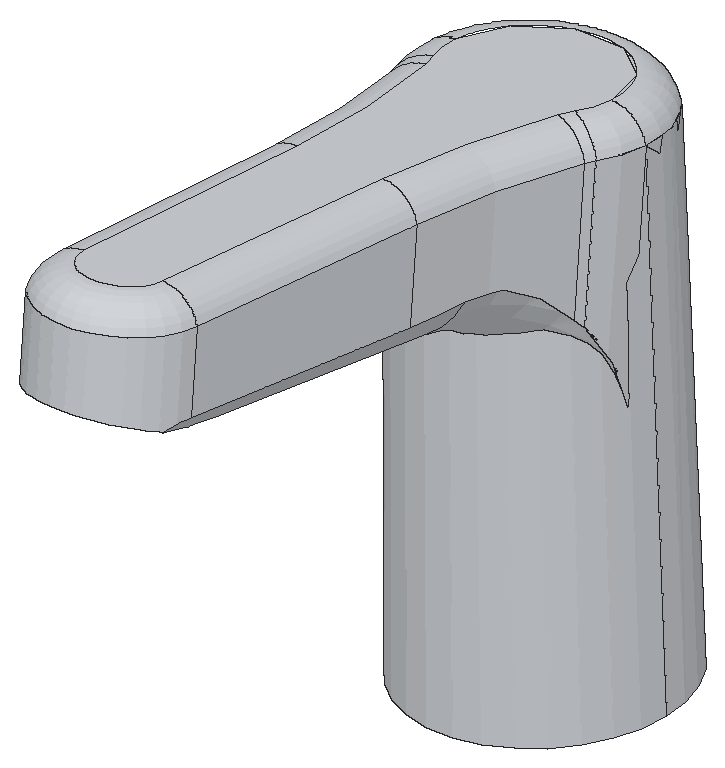
Revit family "Faucet_Touchless-Lavatory-KOHLER-Accliv-K-103A36", category Plumbing Fixtures, host Face, Revit 2021
Family settings
  Host = Face
  Round Connector Dimension = Use Diameter
  Part Type = Normal
  OmniClass Number = 23.31.11.00
  OmniClass Title = Faucets
  Cut with Voids When Loaded = No
  Shared = No
  Room Calculation Point = No
Parameters (values of type "0.5 GPM, CP-Polished Chrome")
  Width = 1.9685"  # constant formula
  WaterSense Certified = 1 = 0  # no
  Waste Water Outlet = "Waste Water Outlet"  # constant formula
  Waste Connection = 1 = 0  # no
  Voltage = 220 V  # constant formula
  Vent Connection = 1 = 0  # no
  URL = "https://www.us.kohler.com/us/"
  Type = 1
  Spout Reach = 4.00787"  # constant formula
  Product Page URL = "http://www.us.kohler.com/us/catalog/productDetails.jsp?productNumber=103A36-SBNA"
  Product Name = "Accliv"  # constant formula
  Product Documentation Link = "https://www.us.kohler.com/webassets/kpna/catalog/pdf/en/K-103A36-SBNA_spec_US-CA_Kohler_en.pdf"
  Pressure = 0.00 psi
  Model = if(Type = 1, "K-103A36-SBNA-CP", if(Type = 2, "K-103A36-SBTA-CP", "NA"))  # "K-103A36-SBNA-CP"
  Material = "Premium Metal Construction"  # constant formula
  Master Format 2014 Name = "Residential Faucets, Supplies, and Trim"  # constant formula
  Master Format 2014 = "22 41 39"  # constant formula
  Manufacturer Address = "444 Highland Dr, Kohler, WI 53044"  # constant formula
  Manufacturer = "Kohler Co."  # constant formula
  Length = Spout Reach  # 4.00787"
  Hot Water Inlet = "Hot Water Inlet"  # constant formula
  Height = 4.68898"  # constant formula
  HW Connection = 1 = 0  # no
  Flow Rate = if(Type = 1, 0.5 GPM, 0.35 GPM)  # 0.5 GPM
  Finish = Kohler-Metal-CP-Polished_Chrome
  Environmental Product Declaration = ""
  Electrical Note = "One Dedicated Circuit Required"  # constant formula
  Electrical Connector = 1 = 1  # yes
  Drain Included = 1 = 0  # no
  Description = if(Type = 1, "Sensor Faucet Cold 0.5GPM No Drain", "Sensor Faucet Cold 0.35GPM No Drain")  # "Sensor Faucet Cold 0.5GPM No Drain"
  Default Elevation = 36"
  Declare Label = ""
  Date Modified = "06/05/2023"  # constant formula
  Date Created = "06/05/2023"  # constant formula
  Copyright = "Copyright Kohler Co."  # constant formula
  Contact Us = "https://www.us.kohler.com/us/static/contact.jsp"
  Cold Water Inlet = "Cold Water Inlet"  # constant formula
  CW Connection = 1 = 1  # yes
  Assembly Code = "D2010"
  Apparent Load = 0 VA
  ADA Compliant = 1 = 0  # no
Types (3): name | Type | Product Page URL | Product Documentation Link | Model | Flow Rate | Description
  (no name) | 1 | "http://www.us.kohler.com/us/catalog/productDetails.jsp?productNumber=103A36-SBNA" | "https://www.us.kohler.com/webassets/kpna/catalog/pdf/en/K-103A36-SBNA_spec_US-CA_Kohler_en.pdf" | "K-103A36-SBNA-CP" | 0.5 GPM | "Sensor Faucet Cold 0.5GPM No Drain"
  0.5 GPM, CP-Polished Chrome | 1 | "http://www.us.kohler.com/us/catalog/productDetails.jsp?productNumber=103A36-SBNA" | "https://www.us.kohler.com/webassets/kpna/catalog/pdf/en/K-103A36-SBNA_spec_US-CA_Kohler_en.pdf" | "K-103A36-SBNA-CP" | 0.5 GPM | "Sensor Faucet Cold 0.5GPM No Drain"
  0.35 GPM, CP-Polished Chrome | 2 | "http://www.us.kohler.com/us/catalog/productDetails.jsp?productNumber=103A36-SBTA" | "https://www.us.kohler.com/webassets/kpna/catalog/pdf/en/K-103A36-SBTA_spec_US-CA_Kohler_en.pdf" | "K-103A36-SBTA-CP" | 0.35 GPM | "Sensor Faucet Cold 0.35GPM No Drain"
Reference planes
  plane 1 "Center (Front/Back)": y = 0
  plane 2: z = 0
  plane 3 "Center (Left/Right)": x = 0
  plane 4: y = 27
  plane 5: y = -27
  plane 6: y = -122.9
  plane 7: z = 93.9
  plane 8: through (0, -125.573, 28.585) normal (0, 0.9397, -0.342)
  plane 9: y = -101.8
  plane 10: through (0, 27, 47.093) normal (0, 0.342, 0.9397)
  plane 11: x = -25
  plane 12: x = 25
  plane 13: y = -10
  plane 14: y = 10
  plane 15: z = 119.1
Dimensions and locks
  "Width": plane 11 to plane 12
  plane 4 to plane 5 = 2.12598"
  "Length": plane 1 "Center (Front/Back)" to plane 9
  plane 4 to plane 6 = 5.90157"
  host face to plane 7 = 3.69685"
  "Height": plane 15 to level
  angle plane 9 to plane 8 = 20.00°
  aligned and locked: plane 2 to host face
  aligned and locked: level to host face
  aligned and locked: plane 3 "Center (Left/Right)" to nested 1
  aligned and locked: plane 1 "Center (Front/Back)" to nested 1
Automatic sketch dimensions
  host sketch curve to host sketch curve = 96"  (x2)
Nested families
  nested 1: "K-103A36" at (0, 0, 0), type "K-103A36"
Connectors
  electrical at (0, -10, 0), driven by "Voltage", driven by "Electrical Connector", driven by "Electrical Note"
    settings: on nested 1, index 1, voltage 220 V, apparent load 0 VA, apparent load phase1 0 VA, apparent load phase2 0 VA, apparent load phase3 0 VA, power factor 1, load classification "Power", number of poles 1, system type 30, power factor state 1, is connector primary yes, connector utility yes, sub classification motor no, connector description "One Dedicated Circuit Required"
  piping at (0, 10, 0), diameter 12.7, driven by "Flow Rate", driven by "Pressure", driven by "CW Connection", driven by "Cold Water Inlet"
    settings: on nested 1, index 2, connector inside diameter 24", connector length 0", flow factor 0, pipe flow 0.5 GPM, pressure drop 0.00 psi, fitting loss kfactor 0, connector angle 0.00°, fixture units 0, engagement length 0", angle of deflection 0.00°, flow configuration 1, flow direction 1, fitting loss method 0, system type 20, joint type 0, gender type 0, connector reference index -1, connector utility 1, adjustable connector no, is connector primary yes, connector description "Cold Water Inlet"
Definition of nested family "K-103A36"
  Parameters
    Material = none
    Default Elevation = 0"
  Reference planes
    plane 1 "Center (Front/Back)": y = 0
    plane 2: z = 0
    plane 3 "Center (Left/Right)": x = 0
    plane 4: x = -25
    plane 5: x = 25
    plane 6: z = 119.1
    plane 7: y = -27
    plane 8: y = 27
    plane 9: y = -101.8
    plane 10: y = -122.9
    plane 11: z = 93.9
    plane 12: through (0, -101.8, 93.9) normal (0, -0.9397, 0.342)
    plane 13 "11": through (0, -122.694, 116.955) normal (0, -0.0959, -0.9954)
    plane 14 "22": through (0, 33.177, 101.94) normal (0, 0.9954, -0.0959)
    plane 15 "ew": through (0, -58.675, 84.682) normal (0, 0.9877, -0.1564)
    plane 16 "wr": through (0, -124.685, 102.302) normal (0, -0.342, -0.9397)
    plane 17: y = 10
    plane 18: y = -10
  Forms (mm)
    Sweep 1, solid, material <- "Material", detail levels medium+fine
      path origin (0, 10.035, 104.169) x (0, -0.995392, 0.095891) y (-1, 0, 0)
        loop
          spline (13.386, 23.263) -> (7.099, 22.525) -> (1.211, 20.32) -> (-3.963, 16.747) -> (-8.063, 11.952) -> (-10.7, 6.204) -> (-11.595, -0.006) -> (-10.697, -6.214) -> (-8.061, -11.956) -> (-3.963, -16.75) -> (1.217, -20.324) -> (7.103, -22.527) -> (13.386, -23.263)
          arc (13.386, -23.263) -> (18.652, -22.774) -> (23.728, -21.29) r 27.611
          arc (23.728, -21.29) -> (24.776, -20.915) -> (25.849, -20.621) r 14.858
          arc (25.849, -20.621) -> (44.397, -17.323) -> (63.194, -16.064) r 172.761
          line (63.194, -16.064) -> (118.85, -15.378)
          arc (118.85, -15.378) -> (134.04, 0) -> (118.85, 15.378) r 15.379
          line (118.85, 15.378) -> (63.194, 16.064)
          arc (63.194, 16.064) -> (44.397, 17.323) -> (25.849, 20.621) r 172.761
          arc (25.849, 20.621) -> (24.776, 20.915) -> (23.728, 21.29) r 14.858
          arc (23.728, 21.29) -> (18.652, 22.774) -> (13.386, 23.263) r 27.611
      profile origin (0.006, 21.576, 103.057) x (-0.000483, -0.995392, 0.09589) y (0, -0.095891, -0.995392)
        loop
          line (10.194, 0) -> (0, 0)
          arc (0, 0) -> (2.767, -4.012) -> (7.389, -5.555) r 7.692
          line (7.389, -5.555) -> (10.194, -5.555) -> (10.194, 0)
    Blend 2, solid, material <- "Material", detail levels medium+fine
      base sketch origin (0, 0, 0) x (1, 0, 0) y (0, 1, 0)
        loop
          spline (-25, 0) -> (-24.148, -6.988) -> (-21.651, -13.5) -> (-17.678, -19.092) -> (-12.5, -23.383) -> (-6.47, -26.08) -> (0, -27) -> (6.47, -26.08) -> (12.5, -23.383) -> (17.678, -19.092) -> (21.651, -13.5) -> (24.148, -6.988) -> (25, 0)
          spline (25, 0) -> (24.148, 6.988) -> (21.651, 13.5) -> (17.678, 19.092) -> (12.5, 23.383) -> (6.47, 26.08) -> (0, 27) -> (-6.47, 26.08) -> (-12.5, 23.383) -> (-17.678, 19.092) -> (-21.651, 13.5) -> (-24.148, 6.988) -> (-25, 0)
      top sketch origin (0, 0, 0) x (1, 0, 0) y (0, 1, 0)
        loop
          spline (-22.579, -4.585) -> (-21.809, -10.764) -> (-19.554, -16.521) -> (-15.966, -21.465) -> (-11.289, -25.258) -> (-5.844, -27.643) -> (0, -28.457) -> (5.844, -27.643) -> (11.289, -25.258) -> (15.966, -21.465) -> (19.554, -16.521) -> (21.809, -10.764) -> (22.579, -4.585)
          spline (22.579, -4.585) -> (21.809, 1.593) -> (19.554, 7.35) -> (15.966, 12.294) -> (11.289, 16.087) -> (5.844, 18.472) -> (0, 19.286) -> (-5.844, 18.472) -> (-11.289, 16.087) -> (-15.966, 12.294) -> (-19.554, 7.35) -> (-21.809, 1.593) -> (-22.579, -4.585)
      from 0 to 146.997
    Extrusion 3, void
      sketch origin (0, 0, 0) x (0, 1, 0) y (0, 0, 1)
        loop
          line (27, 153.334) -> (-130.058, 153.334) -> (-130.058, 117.665) -> (27, 102.535) -> (27, 153.334)
      from -32.211 to 31.193
    Extrusion 4, solid, material <- "Material", detail levels medium+fine
      sketch origin (0, 10.035, 104.169) x (0, -0.995392, 0.095891) y (-1, 0, 0)
        loop
          spline (13.416, 13.069) -> (9.491, 12.616) -> (5.892, 11.264) -> (2.868, 9.18) -> (0.53, 6.467) -> (-0.94, 3.259) -> (-1.401, -0.001) -> (-0.939, -3.266) -> (0.529, -6.468) -> (2.871, -9.186) -> (5.901, -11.267) -> (9.491, -12.617) -> (13.42, -13.069)
          arc (13.42, -13.069) -> (16.741, -12.76) -> (19.943, -11.824) r 17.417
          arc (19.943, -11.824) -> (21.71, -11.193) -> (23.52, -10.696) r 25.052
          arc (23.52, -10.696) -> (43.163, -7.203) -> (63.069, -5.87) r 182.956
          line (63.069, -5.87) -> (118.725, -5.184)
          arc (118.725, -5.184) -> (123.846, 0) -> (118.725, 5.184) r 5.185
          line (118.725, 5.184) -> (63.069, 5.87)
          arc (63.069, 5.87) -> (43.163, 7.203) -> (23.52, 10.696) r 182.956
          arc (23.52, 10.696) -> (21.71, 11.193) -> (19.943, 11.824) r 25.052
          arc (19.943, 11.824) -> (16.739, 12.761) -> (13.416, 13.069) r 17.417
      from 0 to -5.555
    Extrusion 5, solid, material <- "Material", detail levels medium+fine
      sketch origin (0, 10.035, 104.169) x (0, -0.995392, 0.095891) y (-1, 0, 0)
        loop
          arc (63.194, 16.064) -> (44.397, 17.323) -> (25.849, 20.621) r 172.761
          arc (25.849, 20.621) -> (24.776, 20.915) -> (23.728, 21.29) r 14.858
          arc (23.728, 21.29) -> (18.652, 22.774) -> (13.386, 23.263) r 27.611
          spline (13.386, 23.263) -> (7.099, 22.525) -> (1.211, 20.32) -> (-3.963, 16.747) -> (-8.063, 11.952) -> (-10.7, 6.204) -> (-11.595, -0.006) -> (-10.697, -6.214) -> (-8.061, -11.956) -> (-3.963, -16.75) -> (1.217, -20.324) -> (7.103, -22.527) -> (13.386, -23.263)
          arc (13.386, -23.263) -> (18.652, -22.774) -> (23.728, -21.29) r 27.611
          arc (23.728, -21.29) -> (24.776, -20.915) -> (25.849, -20.621) r 14.858
          arc (25.849, -20.621) -> (44.397, -17.323) -> (63.194, -16.064) r 172.761
          line (63.194, -16.064) -> (118.85, -15.378)
          arc (118.85, -15.378) -> (134.04, 0) -> (118.85, 15.378) r 15.379
          line (118.85, 15.378) -> (63.194, 16.064)
      from 0 to 47.45
    Sweep 6, void
      path origin (0, -70.323, 11.138) x (0, -0.156434, -0.987688) y (-1, 0, 0)
        loop
          arc (-91.092, 18.5) -> (-72.592, 0) -> (-91.092, -18.5) r 18.5
      profile origin (0, -58.967, 82.837) x (0, -0.156434, -0.987688) y (0, 0.987688, -0.156434)
        loop
          line (-0.206, 16.035) -> (-0.206, -80.177) -> (32.497, -74.997) -> (24.527, 55.406)
          arc (24.527, 55.406) -> (6.49, 39.283) -> (-0.206, 16.035) r 43.703
    Extrusion 7, void
      sketch origin (0, 0, 0) x (0, 1, 0) y (0, 0, 1)
        loop
          line (-78.139, 85.361) -> (-128.331, 103.629) -> (-128.331, 89.473) -> (-79.197, 79.922) -> (-78.139, 85.361)
      from -26.186 to 22.722
    Extrusion 8, solid
      sketch origin (0, 18.294, 50.262) x (0, -0.939693, 0.34202) y (-1, 0, 0)
        loop
          arc (136.291, 9.746) -> (133.8, 8.264) -> (134.112, 5.383) r 2.681
          arc (134.112, 5.383) -> (136.013, 0) -> (134.112, -5.383) r 8.575
          arc (134.112, -5.383) -> (133.8, -8.264) -> (136.291, -9.746) r 2.681
          arc (136.291, -9.746) -> (139.999, -8.89) -> (143.113, -6.701) r 9.927
          arc (143.113, -6.701) -> (145.81, 0) -> (143.113, 6.701) r 9.675
          arc (143.113, 6.701) -> (139.999, 8.89) -> (136.291, 9.746) r 9.927
      from -2.091 to 0
    Extrusion 9, void
      sketch origin (0, 18.294, 50.262) x (0, -0.939693, 0.34202) y (-1, 0, 0)
        loop
          arc (143.329, 6.909) -> (140.121, 9.164) -> (136.301, 10.046) r 10.227
          arc (136.301, 10.046) -> (133.532, 8.398) -> (133.879, 5.195) r 2.981
          arc (133.879, 5.195) -> (135.713, 0) -> (133.879, -5.195) r 8.275
          arc (133.879, -5.195) -> (133.532, -8.398) -> (136.301, -10.046) r 2.981
          arc (136.301, -10.046) -> (140.121, -9.164) -> (143.329, -6.909) r 10.227
          arc (143.329, -6.909) -> (146.11, 0) -> (143.329, 6.909) r 9.975
      from -2.091 to 1.488
    Extrusion 10, solid
      sketch origin (0, 189.692, -12.122) x (0, -0.939693, 0.34202) y (-1, 0, 0)
        loop
          arc (300.643, -4.407) -> (308.588, -9.77) -> (317.917, -11.976) r 26.667
          arc (317.917, -11.976) -> (330.528, 0) -> (317.917, 11.976) r 11.992
          arc (317.917, 11.976) -> (308.588, 9.77) -> (300.643, 4.407) r 26.667
          arc (300.643, 4.407) -> (298.789, 0) -> (300.643, -4.407) r 6.165
      from -2.933 to 0
    Extrusion 11, void
      sketch origin (0, 189.692, -12.122) x (0, -0.939693, 0.34202) y (-1, 0, 0)
        loop
          arc (300.433, 4.621) -> (298.489, 0) -> (300.433, -4.621) r 6.465
          arc (300.433, -4.621) -> (308.468, -10.044) -> (317.902, -12.276) r 26.967
          arc (317.902, -12.276) -> (330.828, 0) -> (317.902, 12.276) r 12.292
          arc (317.902, 12.276) -> (308.468, 10.044) -> (300.433, 4.621) r 26.967
      from -2.933 to 1.556
    Revolve 12, void
      sketch origin (0, 0, 0) x (0, 1, 0) y (0, 0, 1)
        loop
          line (-94.478, 92.844) -> (-95.33, 94.74) -> (-100.773, 96.721) -> (-101.838, 93.795) -> (-94.459, 91.109) -> (-94.838, 91.853) -> (-94.478, 92.844)
        axis (-100.773, 96.721) -> (-101.838, 93.795)
      angle from 0 to 360
    Revolve 13, solid, detail levels medium+fine
      sketch origin (0, 0, 0) x (0, 1, 0) y (0, 0, 1)
        loop
          line (-94.745, 92.941) -> (-95.339, 94.743) -> (-96.342, 91.986) -> (-95.238, 91.585) -> (-94.745, 92.941)
        axis (-100.773, 96.721) -> (-101.777, 93.964)
      angle from 0 to 360
    Revolve 14, solid
      sketch origin (0, 0, 0) x (0, 1, 0) y (0, 0, 1)
        loop
          line (-95.731, 94.886) -> (-100.773, 96.721) -> (-101.213, 95.512) -> (-96.912, 93.946) -> (-97.181, 93.207) -> (-96.441, 92.937) -> (-95.731, 94.886)
        axis (-100.773, 96.721) -> (-101.483, 94.772)
      angle from 0 to 360
    Extrusion 15, void
      sketch origin (0, 18.294, 50.262) x (0, -0.939693, 0.34202) y (-1, 0, 0)
        loop
          line (134.648, -1.093) -> (130.112, -1.093) -> (133.278, -4.259)
          arc (133.278, -4.259) -> (134.162, -2.762) -> (134.648, -1.093) r 6.958
        loop
          line (131.863, -5.631) -> (128.656, -2.424) -> (128.656, -6.902)
          arc (128.656, -6.902) -> (130.339, -6.469) -> (131.863, -5.631) r 6.958
        loop
          arc (120.905, -1.093) -> (121.39, -2.762) -> (122.274, -4.259) r 6.958
          line (122.274, -4.259) -> (125.44, -1.093) -> (120.905, -1.093)
        loop
          arc (123.69, -5.631) -> (125.214, -6.469) -> (126.897, -6.902) r 6.958
          line (126.897, -6.902) -> (126.897, -2.424) -> (123.69, -5.631)
        loop
          arc (134.648, 1.093) -> (134.162, 2.762) -> (133.278, 4.259) r 6.958
          line (133.278, 4.259) -> (130.112, 1.093) -> (134.648, 1.093)
        loop
          arc (131.863, 5.631) -> (130.339, 6.469) -> (128.656, 6.902) r 6.958
          line (128.656, 6.902) -> (128.656, 2.424) -> (131.863, 5.631)
        loop
          line (120.905, 1.093) -> (125.44, 1.093) -> (122.274, 4.259)
          arc (122.274, 4.259) -> (121.39, 2.762) -> (120.905, 1.093) r 6.958
        loop
          line (123.69, 5.631) -> (126.897, 2.424) -> (126.897, 6.902)
          arc (126.897, 6.902) -> (125.214, 6.469) -> (123.69, 5.631) r 6.958
      from 0.509 to -2.933
    Blend 16, solid, material <- "Material", detail levels coarse
      base sketch origin (0, 0, 0) x (1, 0, 0) y (0, 1, 0)
        loop
          spline (0, -27) -> (6.47, -26.08) -> (12.5, -23.383) -> (17.678, -19.092) -> (21.651, -13.5) -> (24.148, -6.988) -> (25, 0) -> (24.148, 6.988) -> (21.651, 13.5) -> (17.678, 19.092) -> (12.5, 23.383) -> (6.47, 26.08) -> (0, 27)
          spline (0, 27) -> (-6.47, 26.08) -> (-12.5, 23.383) -> (-17.678, 19.092) -> (-21.651, 13.5) -> (-24.148, 6.988) -> (-25, 0) -> (-24.148, -6.988) -> (-21.651, -13.5) -> (-17.678, -19.092) -> (-12.5, -23.383) -> (-6.47, -26.08) -> (0, -27)
      top sketch origin (0, 0, 0) x (1, 0, 0) y (0, 1, 0)
        loop
          spline (0, -28.374) -> (5.803, -27.522) -> (11.21, -25.025) -> (15.854, -21.052) -> (19.417, -15.874) -> (21.657, -9.845) -> (22.421, -3.374) -> (21.657, 3.096) -> (19.417, 9.126) -> (15.854, 14.303) -> (11.21, 18.276) -> (5.803, 20.774) -> (0, 21.626)
          spline (0, 21.626) -> (-5.803, 20.774) -> (-11.21, 18.276) -> (-15.854, 14.303) -> (-19.417, 9.126) -> (-21.657, 3.096) -> (-22.421, -3.374) -> (-21.657, -9.845) -> (-19.417, -15.874) -> (-15.854, -21.052) -> (-11.21, -25.025) -> (-5.803, -27.522) -> (0, -28.374)
      from 0 to 114.276
    Extrusion 17, solid, material <- "Material", detail levels coarse
      sketch origin (0, 10.035, 104.169) x (0, -0.995392, 0.095891) y (-1, 0, 0)
        loop
          arc (118.847, -16.106) -> (134.952, 0) -> (118.847, 16.106) r 16.106
          line (118.847, 16.106) -> (59.31, 16.106)
          arc (59.31, 16.106) -> (37.077, 17.221) -> (15.066, 20.557) r 222.116
          line (15.066, 20.557) -> (15.066, -20.557)
          arc (15.066, -20.557) -> (37.077, -17.221) -> (59.31, -16.106) r 222.116
          line (59.31, -16.106) -> (118.847, -16.106)
      from -7.843 to 26.621
    Extrusion 18, solid, detail levels coarse
      sketch origin (0, 18.294, 50.262) x (0, -0.939693, 0.34202) y (-1, 0, 0)
        loop
          circle (127.776, 0) r 6.958
        loop
          circle (127.776, 0) r 5.783
      from 0 to -2.933
    Extrusion 19, void
      sketch origin (0, 0, 0) x (0, 1, 0) y (0, 0, 1)
        loop
          line (-130.058, 123.223) -> (27, 108.093) -> (27, 153.334) -> (-130.058, 153.334) -> (-130.058, 123.223)
      from -31.6 to 51.691
    Extrusion 20, solid, material <- "Material", detail levels medium+fine
      sketch origin (0, 0, 0) x (1, 0, 0) y (0, 1, 0)
        loop
          circle (0, 10) r 2
        loop
          circle (0, -10) r 2
      from 0 to 3
  Cuts and joins
    Extrusion 3 cuts Blend 2
    Sweep 6, Extrusion 7, Extrusion 11 cuts Extrusion 5
    joined: Sweep 1, Extrusion 4, Extrusion 5
    Extrusion 9, Revolve 12 cuts Extrusion 10
    Extrusion 15 cuts Revolve 13
    Extrusion 7, Extrusion 11, Extrusion 19 cuts Blend 16
    Extrusion 7, Extrusion 11, Extrusion 19 cuts Extrusion 17
    joined: Blend 16, Extrusion 17
  Lines and regions (mm)
    Masking region 1
      outline origin (0, 0, 0) x (0, 1, 0) y (0, 0, 1)
        loop
          line (27, 0) -> (21.582, 103.38)
          arc (21.582, 103.38) -> (20.583, 105.821) -> (18.281, 107.11) r 4
          arc (18.281, 107.11) -> (10.547, 108.297) -> (2.768, 109.145) r 178.691
          line (2.768, 109.145) -> (-111.8, 119.1) -> (-119.912, 119.1)
          arc (-119.912, 119.1) -> (-121.55, 118.489) -> (-122.388, 116.955) r 2.503
          arc (-122.388, 116.955) -> (-122.898, 109.385) -> (-122.25, 101.825) r 49.755
          arc (-122.25, 101.825) -> (-122.087, 101.467) -> (-121.765, 101.24) r 0.752
          line (-121.765, 101.24) -> (-90.622, 89.904) -> (-49, 83.192)
          arc (-49, 83.192) -> (-34.084, 74.879) -> (-27.984, 58.928) r 25
          line (-27.984, 58.928) -> (-27, 0) -> (27, 0)
    Masking region 2
      outline origin (0, 0, 0) x (1, 0, 0) y (0, 0, 1)
        loop
          line (-25, 0) -> (25, 0) -> (22.663, 100.917)
          arc (22.663, 100.917) -> (21.965, 103.721) -> (20.133, 105.956) r 6.588
          line (20.133, 105.956) -> (16.116, 109.094)
          arc (16.116, 109.094) -> (15.915, 109.821) -> (15.774, 110.562) r 9.12
          line (15.774, 110.562) -> (15.252, 114.105)
          arc (15.252, 114.105) -> (14.598, 115.798) -> (13.277, 117.044) r 4.109
          arc (13.277, 117.044) -> (11.536, 117.863) -> (9.671, 118.341) r 10.226
          arc (9.671, 118.341) -> (0, 119.1) -> (-9.671, 118.341) r 61.979
          arc (-9.671, 118.341) -> (-11.536, 117.863) -> (-13.277, 117.044) r 10.226
          arc (-13.277, 117.044) -> (-14.598, 115.798) -> (-15.252, 114.105) r 4.109
          line (-15.252, 114.105) -> (-15.774, 110.562)
          arc (-15.774, 110.562) -> (-15.915, 109.821) -> (-16.116, 109.094) r 9.12
          line (-16.116, 109.094) -> (-20.133, 105.956)
          arc (-20.133, 105.956) -> (-21.965, 103.721) -> (-22.663, 100.917) r 6.588
          line (-22.663, 100.917) -> (-25, 0)
    Masking region 3
      outline origin (0, 0, 0) x (1, 0, 0) y (0, 1, 0)
        loop
          line (-16.084, -53.136) -> (-15.282, -107.84)
          arc (-15.282, -107.84) -> (0, -122.9) -> (15.282, -107.84) r 15.284
          line (15.282, -107.84) -> (16.084, -53.136)
          arc (16.084, -53.136) -> (16.732, -40.029) -> (18.291, -26.999) r 188.627
          arc (18.291, -26.999) -> (19.435, -20.832) -> (20.944, -14.743) r 105.632
          spline (20.944, -14.743) -> (24.4, -5.881) -> (24.761, 3.728) -> (21.98, 12.863) -> (16.412, 20.367) -> (8.762, 25.287) -> (0, 27) -> (-8.762, 25.287) -> (-16.412, 20.367) -> (-21.98, 12.863) -> (-24.761, 3.728) -> (-24.4, -5.881) -> (-20.944, -14.743)
          arc (-20.944, -14.743) -> (-19.435, -20.832) -> (-18.291, -26.999) r 105.632
          arc (-18.291, -26.999) -> (-16.732, -40.029) -> (-16.084, -53.136) r 188.627
    symbolic lines, detail levels medium+fine
      curve 1: line (0, -29.093, 109.488) -> (0, -106.217, 116.918)
      curve 2: arc (0, -106.217, 116.918) -> (0, -113.098, 117.797) -> (0, -119.912, 119.1) r 111.951
      curve 3: arc (0, -12.419, 106.913) -> (0, -20.719, 108.439) -> (0, -29.093, 109.488) r 147.507
      curve 4: arc (0, 2.291, 105.315) -> (0, -5.105, 105.737) -> (0, -12.419, 106.913) r 72.438
      curve 5: arc (0, 18.281, 107.11) -> (0, 10.339, 105.742) -> (0, 2.291, 105.315) r 68.55
      curve 6: arc (0, -17.737, 105.916) -> (0, -23.495, 106.822) -> (0, -29.285, 107.497) r 145.507
      curve 7: line (0, -29.285, 107.497) -> (0, -106.691, 115.414)
      curve 8: arc (0, -106.691, 115.414) -> (0, -114.419, 116.419) -> (0, -122.081, 117.846) r 142.19
      curve 9: arc (0, -4.964, 102.783) -> (0, -11.3, 104.555) -> (0, -17.737, 105.916) r 102.228
      curve 10: arc (0, 21.582, 103.38) -> (0, 8.358, 100.889) -> (0, -4.964, 102.783) r 41.287
      curve 11: line (0, -7.862, 103.648) -> (0, -9.498, 86.67)
      curve 12: arc (0, -7.029, 105.972) -> (0, -7.59, 104.862) -> (0, -7.862, 103.648) r 5.024
      curve 13: arc (0, -9.498, 86.67) -> (0, -15.26, 70.479) -> (0, -27.984, 58.928) r 35.3
      curve 14: arc (-13.854, 0, 116.632) -> (0, 0, 118.489) -> (13.854, 0, 116.632) r 52.611
      curve 15: arc (-15.413, 0, 113.015) -> (-15.216, 0, 104.973) -> (-14.129, 0, 97.002) r 72.54
      curve 16: arc (-14.129, 0, 97.002) -> (-13.787, 0, 95.922) -> (-13.206, 0, 94.95) r 4.897
      curve 17: arc (-13.206, 0, 94.95) -> (-11.238, 0, 93.007) -> (-8.818, 0, 91.67) r 10.112
      curve 18: arc (-8.613, 0, 100.757) -> (0, 0, 101.76) -> (8.613, 0, 100.757) r 37.5
      curve 19: arc (-12.112, 0, 99.398) -> (-10.41, 0, 100.199) -> (-8.613, 0, 100.757) r 13.575
      curve 20: arc (-13.596, 0, 97.899) -> (-12.96, 0, 98.754) -> (-12.112, 0, 99.398) r 3.796
      curve 21: arc (-13.787, 0, 95.922) -> (-13.893, 0, 96.93) -> (-13.596, 0, 97.899) r 2.537
      curve 22: arc (-12.058, 0, 95.125) -> (-10.413, 0, 93.644) -> (-8.459, 0, 92.604) r 9.112
      curve 23: arc (-11.834, 0, 98.35) -> (-12.614, 0, 96.784) -> (-12.058, 0, 95.125) r 2.286
      curve 24: arc (-8.434, 0, 100) -> (-10.244, 0, 99.401) -> (-11.834, 0, 98.35) r 7.229
      curve 25: arc (-5.519, 0, 99.736) -> (0, 0, 100.304) -> (5.519, 0, 99.736) r 27.083
      curve 26: arc (-8.534, 0, 98.674) -> (-7.062, 0, 99.306) -> (-5.519, 0, 99.736) r 12.015
      curve 27: arc (-9.921, 0, 97.466) -> (-9.302, 0, 98.155) -> (-8.534, 0, 98.674) r 3.801
      curve 28: arc (-4.963, 0, 96.226) -> (0, 0, 96.82) -> (4.963, 0, 96.226) r 21.002
      curve 29: arc (-6.385, 0, 95.971) -> (-5.67, 0, 96.076) -> (-4.963, 0, 96.226) r 11.818
      curve 30: arc (-8.294, 0, 96.047) -> (-7.343, 0, 95.934) -> (-6.385, 0, 95.971) r 6.139
      curve 31: arc (-9.546, 0, 96.398) -> (-8.927, 0, 96.198) -> (-8.294, 0, 96.047) r 8.496
      curve 32: arc (-9.921, 0, 97.466) -> (-9.986, 0, 96.843) -> (-9.546, 0, 96.398) r 0.732
      curve 33: arc (5.478, 0, 99.54) -> (0, 0, 100.104) -> (-5.478, 0, 99.54) r 26.883
      curve 34: arc (-5.478, 0, 99.54) -> (-6.995, 0, 99.117) -> (-8.443, 0, 98.496) r 11.815
      curve 35: arc (-8.443, 0, 98.496) -> (-9.139, 0, 98.004) -> (-9.668, 0, 97.336) r 2.987
      curve 36: arc (-9.668, 0, 97.336) -> (-9.766, 0, 96.846) -> (-9.546, 0, 96.398) r 0.776
      curve 37: line (-9.773, 0, 96.946) -> (-9.773, 0, 97.664)
      curve 38: spline (7.328, 0, 93.87) -> (7.079, 0, 94.521) -> (6.347, 0, 95.127) -> (5.182, 0, 95.647) -> (3.664, 0, 96.047) -> (1.897, 0, 96.298) -> (0, 0, 96.384) -> (-1.897, 0, 96.298) -> (-3.664, 0, 96.047) -> (-5.182, 0, 95.647) -> (-6.347, 0, 95.127) -> (-7.079, 0, 94.521) -> (-7.328, 0, 93.87) -> (-7.079, 0, 93.219) -> (-6.347, 0, 92.613) -> (-5.182, 0, 92.092) -> (-3.664, 0, 91.693) -> (-1.897, 0, 91.442) -> (0, 0, 91.356) -> (1.897, 0, 91.442) -> (3.664, 0, 91.693) -> (5.182, 0, 92.092) -> (6.347, 0, 92.613) -> (7.079, 0, 93.219) -> (7.328, 0, 93.87)
      curve 39: spline (-6.934, 0, 94.684) -> (-7.002, 0, 94.505) -> (-7.034, 0, 94.325) -> (-7.03, 0, 94.144) -> (-6.99, 0, 93.965) -> (-6.913, 0, 93.786) -> (-6.802, 0, 93.61) -> (-6.655, 0, 93.438) -> (-6.473, 0, 93.269) -> (-6.259, 0, 93.106) -> (-6.012, 0, 92.948) -> (-5.734, 0, 92.798) -> (-5.426, 0, 92.654)
      curve 40: line (-6.714, 0, 94.877) -> (-6.714, 0, 93.598)
      curve 41: line (-6.714, 0, 93.598) -> (-5.523, 0, 93.598)
      curve 42: line (-5.523, 0, 93.598) -> (-5.523, 0, 95.522)
      curve 43: line (-6.714, 0, 94.375) -> (-5.523, 0, 94.375)
      curve 44: line (-4.608, 0, 93.9) -> (-4.608, 0, 92.928)
      curve 45: line (-3.188, 0, 92.417) -> (-3.188, 0, 93.325)
      curve 46: line (-4.608, 0, 92.928) -> (-3.188, 0, 92.417)
      curve 47: line (-3.959, 0, 92.043) -> (-3.188, 0, 92.417)
      curve 48: line (-3.959, 0, 92.043) -> (-5.426, 0, 92.548)
      curve 49: line (-5.426, 0, 92.548) -> (-4.608, 0, 92.928)
      curve 50: line (-5.426, 0, 92.548) -> (-5.426, 0, 93.478)
      curve 51: line (-5.426, 0, 93.478) -> (-4.608, 0, 93.9)
      curve 52: line (-4.608, 0, 93.9) -> (-5.523, 0, 94.547)
      curve 53: spline (-3.774, 0, 92.133) -> (-3.57, 0, 92.089) -> (-3.363, 0, 92.047) -> (-3.151, 0, 92.007) -> (-2.937, 0, 91.97) -> (-2.718, 0, 91.936) -> (-2.497, 0, 91.905) -> (-2.273, 0, 91.876) -> (-2.046, 0, 91.85) -> (-1.816, 0, 91.826) -> (-1.585, 0, 91.806) -> (-1.352, 0, 91.788) -> (-1.117, 0, 91.773)
      curve 54: line (-1.117, 0, 92.997) -> (-1.117, 0, 91.616)
      curve 55: line (-1.117, 0, 91.616) -> (1.117, 0, 91.616)
      curve 56: line (-3.188, 0, 92.761) -> (-1.117, 0, 92.543)
      curve 57: line (-3.188, 0, 93.325) -> (-1.117, 0, 92.997)
      curve 58: line (-1.117, 0, 92.045) -> (1.117, 0, 92.045)
      curve 59: line (-5.443, 0, 95.253) -> (-5.443, 0, 95.553)
      curve 60: line (-5.443, 0, 95.253) -> (-3.873, 0, 95.825)
      curve 61: line (-3.873, 0, 95.825) -> (-3.873, 0, 96.004)
      curve 62: line (-3.136, 0, 95.495) -> (-3.136, 0, 96.142)
      curve 63: line (-3.136, 0, 95.495) -> (-3.873, 0, 95.825)
      curve 64: line (-3.136, 0, 95.495) -> (-4.603, 0, 94.962)
      curve 65: line (-4.603, 0, 94.962) -> (-5.443, 0, 95.253)
      curve 66: line (-1.092, 0, 95.785) -> (-1.092, 0, 96.356)
      curve 67: line (-1.092, 0, 95.785) -> (1.092, 0, 95.785)
      curve 68: spline (5.063, 0, 95.121) -> (5.054, 0, 94.61) -> (4.638, 0, 94.119) -> (3.85, 0, 93.69) -> (2.752, 0, 93.356) -> (1.434, 0, 93.144) -> (0, 0, 93.072) -> (-1.434, 0, 93.144) -> (-2.752, 0, 93.356) -> (-3.85, 0, 93.69) -> (-4.638, 0, 94.119) -> (-5.054, 0, 94.61) -> (-5.063, 0, 95.121)
      curve 69: spline (-3.136, 0, 95.875) -> (-2.992, 0, 95.919) -> (-2.841, 0, 95.961) -> (-2.685, 0, 96.001) -> (-2.524, 0, 96.038) -> (-2.359, 0, 96.074) -> (-2.189, 0, 96.106) -> (-2.014, 0, 96.137) -> (-1.836, 0, 96.164) -> (-1.654, 0, 96.19) -> (-1.47, 0, 96.212) -> (-1.282, 0, 96.232) -> (-1.092, 0, 96.249)
      curve 70: arc (15.413, 0, 113.015) -> (15.216, 0, 104.973) -> (14.129, 0, 97.002) r 72.54
      curve 71: arc (14.129, 0, 97.002) -> (13.787, 0, 95.922) -> (13.206, 0, 94.95) r 4.897
      curve 72: arc (13.206, 0, 94.95) -> (11.238, 0, 93.007) -> (8.818, 0, 91.67) r 10.112
      curve 73: arc (12.112, 0, 99.398) -> (10.41, 0, 100.199) -> (8.613, 0, 100.757) r 13.575
      curve 74: arc (13.596, 0, 97.899) -> (12.96, 0, 98.754) -> (12.112, 0, 99.398) r 3.796
      curve 75: arc (13.787, 0, 95.922) -> (13.893, 0, 96.93) -> (13.596, 0, 97.899) r 2.537
      curve 76: arc (12.058, 0, 95.125) -> (10.413, 0, 93.644) -> (8.459, 0, 92.604) r 9.112
      curve 77: arc (11.834, 0, 98.35) -> (12.614, 0, 96.784) -> (12.058, 0, 95.125) r 2.286
      curve 78: arc (8.434, 0, 100) -> (10.244, 0, 99.401) -> (11.834, 0, 98.35) r 7.229
      curve 79: arc (8.534, 0, 98.674) -> (7.062, 0, 99.306) -> (5.519, 0, 99.736) r 12.015
      curve 80: arc (9.921, 0, 97.466) -> (9.302, 0, 98.155) -> (8.534, 0, 98.674) r 3.801
      curve 81: arc (6.385, 0, 95.971) -> (5.67, 0, 96.076) -> (4.963, 0, 96.226) r 11.818
      curve 82: arc (8.294, 0, 96.047) -> (7.343, 0, 95.934) -> (6.385, 0, 95.971) r 6.139
      curve 83: arc (9.546, 0, 96.398) -> (8.927, 0, 96.198) -> (8.294, 0, 96.047) r 8.496
      curve 84: arc (9.921, 0, 97.466) -> (9.986, 0, 96.843) -> (9.546, 0, 96.398) r 0.732
      curve 85: arc (5.478, 0, 99.54) -> (6.995, 0, 99.117) -> (8.443, 0, 98.496) r 11.815
      curve 86: arc (8.443, 0, 98.496) -> (9.139, 0, 98.004) -> (9.668, 0, 97.336) r 2.987
      curve 87: arc (9.668, 0, 97.336) -> (9.766, 0, 96.846) -> (9.546, 0, 96.398) r 0.776
      curve 88: spline (6.934, 0, 94.684) -> (7.002, 0, 94.505) -> (7.034, 0, 94.325) -> (7.03, 0, 94.144) -> (6.99, 0, 93.965) -> (6.913, 0, 93.786) -> (6.802, 0, 93.61) -> (6.655, 0, 93.438) -> (6.473, 0, 93.269) -> (6.259, 0, 93.106) -> (6.012, 0, 92.948) -> (5.734, 0, 92.798) -> (5.426, 0, 92.654)
      curve 89: line (6.714, 0, 94.877) -> (6.714, 0, 93.598)
      curve 90: line (6.714, 0, 93.598) -> (5.523, 0, 93.598)
      curve 91: line (5.523, 0, 93.598) -> (5.523, 0, 95.522)
      curve 92: line (6.714, 0, 94.375) -> (5.523, 0, 94.375)
      curve 93: line (4.608, 0, 93.9) -> (4.608, 0, 92.928)
      curve 94: line (3.188, 0, 92.417) -> (3.188, 0, 93.325)
      curve 95: line (4.608, 0, 92.928) -> (3.188, 0, 92.417)
      curve 96: line (3.959, 0, 92.043) -> (3.188, 0, 92.417)
      curve 97: line (3.959, 0, 92.043) -> (5.426, 0, 92.548)
      curve 98: line (5.426, 0, 92.548) -> (4.608, 0, 92.928)
      curve 99: line (5.426, 0, 92.548) -> (5.426, 0, 93.478)
      curve 100: line (5.426, 0, 93.478) -> (4.608, 0, 93.9)
      curve 101: line (4.608, 0, 93.9) -> (5.523, 0, 94.547)
      curve 102: line (1.117, 0, 92.997) -> (1.117, 0, 91.616)
      curve 103: line (3.188, 0, 92.761) -> (1.117, 0, 92.543)
      curve 104: line (3.188, 0, 93.325) -> (1.117, 0, 92.997)
      curve 105: line (5.443, 0, 95.253) -> (5.443, 0, 95.553)
      curve 106: line (5.443, 0, 95.253) -> (3.873, 0, 95.825)
      curve 107: line (3.873, 0, 95.825) -> (3.873, 0, 96.004)
      curve 108: line (3.136, 0, 95.495) -> (3.136, 0, 95.875)
      curve 109: line (3.136, 0, 95.495) -> (3.873, 0, 95.825)
      curve 110: line (3.136, 0, 95.495) -> (4.603, 0, 94.962)
      curve 111: line (4.603, 0, 94.962) -> (5.443, 0, 95.253)
      curve 112: line (1.092, 0, 95.785) -> (1.092, 0, 96.356)
      curve 113: arc (-8.434, 0, 100) -> (0, 0, 101.158) -> (8.434, 0, 100) r 31.288
      curve 114: arc (-8.459, 0, 92.604) -> (0, 0, 90.506) -> (8.459, 0, 92.604) r 18.105
      curve 115: arc (-8.818, 0, 91.67) -> (0, 0, 89.839) -> (8.818, 0, 91.67) r 22.15
      curve 116: spline (4.474, 0, 95.008) -> (4.472, 0, 94.584) -> (4.108, 0, 94.176) -> (3.412, 0, 93.819) -> (2.44, 0, 93.541) -> (1.272, 0, 93.365) -> (0, 0, 93.304) -> (-1.272, 0, 93.365) -> (-2.44, 0, 93.541) -> (-3.412, 0, 93.819) -> (-4.108, 0, 94.176) -> (-4.472, 0, 94.584) -> (-4.474, 0, 95.008)
      curve 117: spline (3.136, 0, 95.875) -> (2.992, 0, 95.919) -> (2.841, 0, 95.961) -> (2.685, 0, 96.001) -> (2.524, 0, 96.038) -> (2.359, 0, 96.074) -> (2.189, 0, 96.106) -> (2.014, 0, 96.137) -> (1.836, 0, 96.164) -> (1.654, 0, 96.19) -> (1.47, 0, 96.212) -> (1.282, 0, 96.232) -> (1.092, 0, 96.249)
      curve 118: spline (1.117, 0, 91.773) -> (1.352, 0, 91.788) -> (1.585, 0, 91.806) -> (1.816, 0, 91.826) -> (2.046, 0, 91.85) -> (2.273, 0, 91.876) -> (2.497, 0, 91.905) -> (2.718, 0, 91.936) -> (2.937, 0, 91.97) -> (3.151, 0, 92.007) -> (3.363, 0, 92.047) -> (3.57, 0, 92.089) -> (3.774, 0, 92.133)
      curve 119: spline (4.477, 0, 95.007) -> (4.205, 0, 94.662) -> (3.694, 0, 94.348) -> (2.972, 0, 94.083) -> (2.081, 0, 93.882) -> (1.071, 0, 93.757) -> (0, 0, 93.714) -> (-1.071, 0, 93.757) -> (-2.081, 0, 93.882) -> (-2.972, 0, 94.083) -> (-3.694, 0, 94.348) -> (-4.205, 0, 94.662) -> (-4.477, 0, 95.007)
      curve 120: line (-4.263, 0, 95.085) -> (-3.404, 0, 94.226)
      curve 121: line (-3.87, 0, 95.229) -> (-2.636, 0, 93.995)
      curve 122: line (-3.476, 0, 95.372) -> (-1.967, 0, 93.863)
      curve 123: line (-2.958, 0, 95.929) -> (-0.765, 0, 93.736)
      curve 124: line (-3.136, 0, 95.57) -> (-1.349, 0, 93.782)
      curve 125: line (-0.665, 0, 95.785) -> (1.339, 0, 93.781)
      curve 126: line (-1.612, 0, 96.195) -> (0.842, 0, 93.741)
      curve 127: line (-2.08, 0, 96.126) -> (0.327, 0, 93.718)
      curve 128: line (-2.529, 0, 96.037) -> (-0.208, 0, 93.716)
      curve 129: line (2.248, 0, 96.095) -> (3.893, 0, 94.45)
      curve 130: line (1.092, 0, 96.177) -> (3.136, 0, 94.133)
      curve 131: line (1.611, 0, 96.195) -> (3.53, 0, 94.276)
      curve 132: line (-0.128, 0, 95.785) -> (1.817, 0, 93.84)
      curve 133: line (0.41, 0, 95.785) -> (2.277, 0, 93.918)
      curve 134: line (0.947, 0, 95.785) -> (2.717, 0, 94.015)
      curve 135: line (2.95, 0, 95.931) -> (3.136, 0, 95.745)
      curve 136: line (3.528, 0, 95.353) -> (4.213, 0, 94.668)
      curve 137: line (4.263, 0, 95.085) -> (3.404, 0, 94.226)
      curve 138: line (3.87, 0, 95.229) -> (2.636, 0, 93.995)
      curve 139: line (3.476, 0, 95.372) -> (1.967, 0, 93.863)
      curve 140: line (2.958, 0, 95.929) -> (0.765, 0, 93.736)
      curve 141: line (3.136, 0, 95.57) -> (1.349, 0, 93.782)
      curve 142: line (0.665, 0, 95.785) -> (-1.339, 0, 93.781)
      curve 143: line (1.612, 0, 96.195) -> (-0.842, 0, 93.741)
      curve 144: line (2.08, 0, 96.126) -> (-0.327, 0, 93.718)
      curve 145: line (2.529, 0, 96.037) -> (0.208, 0, 93.716)
      curve 146: line (-2.248, 0, 96.095) -> (-3.893, 0, 94.45)
      curve 147: line (-1.092, 0, 96.177) -> (-3.136, 0, 94.133)
      curve 148: line (-1.611, 0, 96.195) -> (-3.53, 0, 94.276)
      curve 149: line (0.128, 0, 95.785) -> (-1.817, 0, 93.84)
      curve 150: line (-0.41, 0, 95.785) -> (-2.277, 0, 93.918)
      curve 151: line (-0.947, 0, 95.785) -> (-2.717, 0, 94.015)
      curve 152: line (-2.95, 0, 95.931) -> (-3.136, 0, 95.745)
      curve 153: line (-3.528, 0, 95.353) -> (-4.213, 0, 94.668)
      curve 154: arc (-14.008, 0, 88.343) -> (0, 0, 82.673) -> (14.008, 0, 88.343) r 20.138
      curve 155: arc (-16.116, 0, 109.094) -> (-16.179, 0, 99.839) -> (-15.205, 0, 90.634) r 82.629
      curve 156: arc (-15.205, 0, 90.634) -> (-14.792, 0, 89.392) -> (-14.008, 0, 88.343) r 4.108
      curve 157: arc (16.116, 0, 109.094) -> (16.179, 0, 99.839) -> (15.205, 0, 90.634) r 82.629
      curve 158: arc (15.205, 0, 90.634) -> (14.792, 0, 89.392) -> (14.008, 0, 88.343) r 4.108
      curve 159: line (8.626, 0, 60.991) -> (-8.626, 0, 60.991)
      curve 160: line (-22.386, 0, 100.907) -> (-22.386, 0, 79.064)
      curve 161: arc (-22.386, 0, 79.064) -> (-22.06, 0, 72.735) -> (-21.087, 0, 66.472) r 61.663
      curve 162: arc (-8.626, 0, 60.991) -> (-12.663, 0, 61.224) -> (-16.647, 0, 61.92) r 35.088
      curve 163: arc (-21.087, 0, 66.472) -> (-19.53, 0, 63.549) -> (-16.647, 0, 61.92) r 5.917
      curve 164: arc (-20.133, 0, 105.956) -> (-21.797, 0, 103.671) -> (-22.386, 0, 100.907) r 6.783
      curve 165: line (22.386, 0, 100.907) -> (22.386, 0, 79.064)
      curve 166: arc (22.386, 0, 79.064) -> (22.06, 0, 72.735) -> (21.087, 0, 66.472) r 61.663
      curve 167: arc (8.626, 0, 60.991) -> (12.663, 0, 61.224) -> (16.647, 0, 61.92) r 35.088
      curve 168: arc (21.087, 0, 66.472) -> (19.53, 0, 63.549) -> (16.647, 0, 61.92) r 5.917
      curve 169: arc (20.133, 0, 105.956) -> (21.797, 0, 103.671) -> (22.386, 0, 100.907) r 6.783
      curve 170: arc (-22.617, -2.565, 0) -> (-22.195, -8.711, 0) -> (-20.944, -14.743, 0) r 45.318
      curve 171: arc (-19.514, 9.187, 0) -> (-21.83, 3.512, 0) -> (-22.617, -2.565, 0) r 23.76
      curve 172: arc (-12.662, 17.305, 0) -> (-16.463, 13.562, 0) -> (-19.514, 9.187, 0) r 28.997
      curve 173: arc (22.617, -2.565, 0) -> (22.195, -8.711, 0) -> (20.944, -14.743, 0) r 45.318
      curve 174: arc (19.514, 9.187, 0) -> (21.83, 3.512, 0) -> (22.617, -2.565, 0) r 23.76
      curve 175: arc (12.662, 17.305, 0) -> (16.463, 13.562, 0) -> (19.514, 9.187, 0) r 28.997
      curve 176: arc (-12.662, 17.305, 0) -> (0, 21.824, 0) -> (12.662, 17.305, 0) r 20
      curve 177: arc (18.536, -14.07, 0) -> (19.719, -8.371, 0) -> (20.117, -2.564, 0) r 42.818
      curve 178: arc (20.117, -2.564, 0) -> (19.413, 2.874, 0) -> (17.341, 7.951, 0) r 21.26
      curve 179: arc (17.341, 7.951, 0) -> (14.553, 11.95, 0) -> (11.079, 15.37, 0) r 26.497
      curve 180: arc (11.079, 15.37, 0) -> (0, 19.324, 0) -> (-11.079, 15.37, 0) r 17.5
      curve 181: arc (-11.079, 15.37, 0) -> (-14.553, 11.95, 0) -> (-17.341, 7.951, 0) r 26.497
      curve 182: arc (-17.341, 7.951, 0) -> (-19.413, 2.874, 0) -> (-20.117, -2.564, 0) r 21.26
      curve 183: arc (-20.117, -2.564, 0) -> (-19.719, -8.371, 0) -> (-18.536, -14.07, 0) r 42.818
      curve 184: arc (-18.536, -14.07, 0) -> (-16.992, -20.303, 0) -> (-15.82, -26.616, 0) r 108.132
      curve 185: arc (-15.82, -26.616, 0) -> (-14.241, -39.819, 0) -> (-13.584, -53.099, 0) r 191.127
      curve 186: line (-13.584, -53.099, 0) -> (-12.782, -107.804, 0)
      curve 187: arc (-12.782, -107.804, 0) -> (0, -120.4, 0) -> (12.782, -107.804, 0) r 12.784
      curve 188: line (12.782, -107.804, 0) -> (13.584, -53.099, 0)
      curve 189: arc (13.584, -53.099, 0) -> (14.241, -39.819, 0) -> (15.82, -26.616, 0) r 191.127
      curve 190: arc (15.82, -26.616, 0) -> (16.992, -20.303, 0) -> (18.536, -14.07, 0) r 108.132
      curve 191: arc (-3.94, -113.941, 0) -> (0, -115.573, 0) -> (3.94, -113.941, 0) r 5.572
      curve 192: arc (-3.233, -113.234, 0) -> (0, -114.573, 0) -> (3.233, -113.234, 0) r 4.572
      curve 193: arc (-2.526, -112.527, 0) -> (0, -113.573, 0) -> (2.526, -112.527, 0) r 3.572
      curve 194: arc (-1.819, -111.82, 0) -> (0, -112.573, 0) -> (1.819, -111.82, 0) r 2.572
      curve 195: circle (0, -110.001, 0) r 0.572 normal (0, 0, 1)
  Dimensions and locks
    aligned and locked: plane 2 to level
